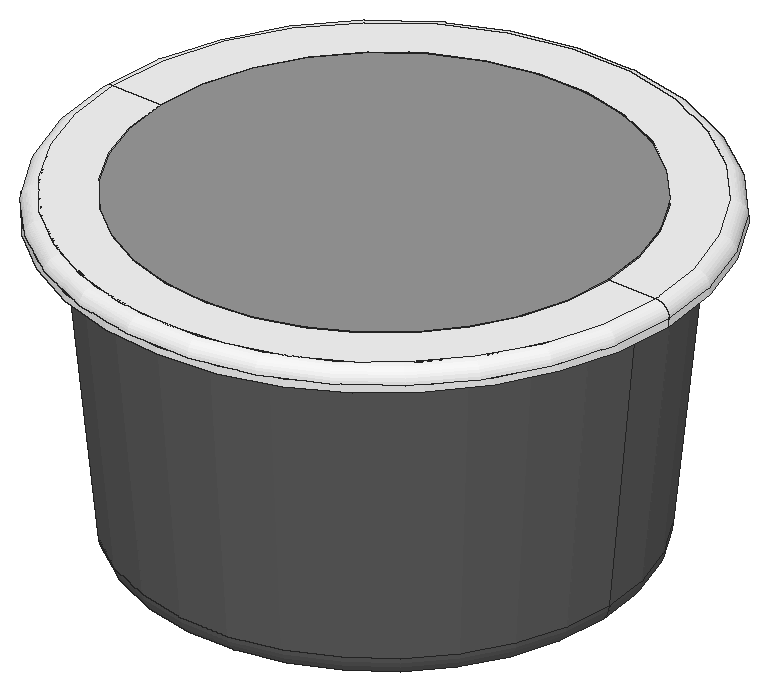
Revit family "3098127 Lighting Fixture_Sylvania_Insaver LED II 150 High_Ceiling Recessed", category Lighting Fixtures, host Face, Revit 2017
Family settings
  Host = Face
  Round Connector Dimension = Use Diameter
  Part Type = Normal
  OmniClass Number = 23.80.70.11.17
  OmniClass Title = Specialized Lighting by Location or Use
  Cut with Voids When Loaded = No
  Light Source = Yes
  Shared = No
  Room Calculation Point = No
Parameters (values of type "Insaver LED II 150 High Output NW DALI E3")
  Ta Rating = "0°C to 55°C"  # constant formula
  Reflector Radius = Body Radius - 2.0 mm  # 73.0 mm
  Reflector Material = Metal_Sylvania_Insaver LED II_Polished
  Radius = Diameter / 2  # 84.5 mm
  LOR = "100%"  # constant formula
  IP Rating = "IP23 (44 with accessory)"  # constant formula
  Height = 87.0 mm
  Glare Control = "UGR <19 (using accessory)"  # constant formula
  Energy Class = "A++,A+,A"  # constant formula
  Weight = 0 kg
  Wattage = 1.35052 W
  built-in parameter 1150110 = 1 (stored number, unit not read)
  Voltage Comments = "UNV (Universal Voltage; 220-240 Volt)"  # constant formula
  Voltage = 230 V  # constant formula
  URL = "http://www.sylvania-lighting.com"
  built-in parameter 1114217 = 1 (stored number, unit not read)
  Tilt Angle = -90°
  built-in parameter 1150109 = 1 (stored number, unit not read)
  built-in parameter 1150134 = 12
  built-in parameter 1150113 = 1 (stored number, unit not read)
  Product Page URL = "http://www.sylvania-lighting.com/product/en-int/products/3098127"
  Product Family = "INSAVER LED II 150"  # constant formula
  Photometry Comments = ""
  Photometric Web File = "3098127_InsaverLEDII150HighOutputNWDALIE3-200730.ies"
  Life = "50 000 h"  # constant formula
  Emit from Circle Diameter = Diffuser Diameter  # 133.0 mm
  Emit Shape Visible in Rendering = no
  Drive Current = "900mA"  # constant formula
  Distribution type = "Direct - symmetrical"  # constant formula
  Diffuser Material = Glass_Sylvania_Insaver LED II_4000K
  Diffuser Diameter = Diameter - 36.0 mm  # 133.0 mm
  Diameter = 169.0 mm
  Cutout Diameter = Diameter - 19.0 mm  # 150.0 mm
  Colour consistency (SDCM) = "3 step"  # constant formula
  built-in parameter 1114216 [instance] = 1 (stored number, unit not read)
  Model = "Insaver LED II 150 High Output NW DALI E3"
  Manufacturer = "Feilo Sylvania"
  built-in parameter 1150105 = 10.425 (stored number, unit not read)
  Lumens = 131 lm
  built-in parameter 1150115 = 1 (stored number, unit not read)
  built-in parameter 1150137 = (empty or 0)
  built-in parameter 1150139 = (empty or 0)
  built-in parameter 1150112 = 1 (stored number, unit not read)
  built-in parameter 1150114 = 1 (stored number, unit not read)
  Lamp Comments = "Integrated LED"  # constant formula
  Lamp = ""
  built-in parameter 1150132 = 2
  built-in parameter 1150102 = (empty or 0)
  built-in parameter 1150107 = 4000 (stored number, unit not read)
  built-in parameter 1150138 = (empty or 0)
  built-in parameter 1150106 = 0.10425 (stored number, unit not read)
  CRI ( Ra ) = 80  # constant formula
  Body Material = Plastic_Sylvania_Insaver LED II_Black
  built-in parameter 1150104 = 9.0116 (stored number, unit not read)
  Dimming Lamp Color Temperature Shift = <None>
  Description = "Circular LED downlight with up to 114lm/W efficacy and 2,400 luminaire lumen output. Innovative easy installation system allows for a rapid, single point installation. For 150mm cut outs. IP44 or UGR<19 compliant with additional accessories. 3 hour emergency and surface mounted versions available. Plus3 version includes Wieland GST connector."  # constant formula
  Default Elevation = 0.0 mm
  Color Filter = 16777215
  Catalog Number = "3098127 Insaver LED II 150 High Output NW DALI E3"
  built-in parameter 1140040 [instance] = 1
  Body Radius = Cutout Diameter / 2  # 75.0 mm
  Beam Angle = 76°  # constant formula
  built-in parameter 1114218 = 1 (stored number, unit not read)
  built-in parameter 1150133 = 10 (stored number, unit not read)
  Assembly Code = "D5020200"
  Apparent Load Comments = ""
  Apparent Load = 22 VA
  Accessory Material = Plastic_Sylvania_Insaver LED II_White
Reference planes
  plane 1 "Center (Front/Back)": y = 0
  plane 2: z = 0
  plane 3 "Center (Left/Right)": x = 0
  plane 4 "Fixture Top": z = -87
  plane 5 "Fixture Bottom": z = 6
  plane 6 "Reflector Top": z = -60
Forms (mm)
  Extrusion 1, void
    sketch origin (0, 0, 0) x (1, 0, 0) y (0, 1, 0)
      loop
        circle (0, 0) r 75
    from -87 to 0
  Revolve 2, solid, material "Plastic_Sylvania_Insaver LED II_White" <- "Accessory Material", detail levels fine
    sketch origin (0, 0, 0) x (1, 0, 0) y (0, 0, 1)
      loop
        line (-84.5, 0) -> (-66.5, 0) -> (-66.5, 6) -> (-80.5, 6)
        arc (-80.5, 6) -> (-83.328, 4.828) -> (-84.5, 2) r 4
        line (-84.5, 2) -> (-84.5, 0)
      axis (0, 6) -> (0, 0)
    angle from 0 to 360
  Revolve 3, solid, material "Plastic_Sylvania_Insaver LED II_Black" <- "Body Material", detail levels fine
    sketch origin (0, 0, 0) x (1, 0, 0) y (0, 0, 1)
      loop
        line (0, -87) -> (0, -85) -> (-59.475, -85)
        arc (-59.475, -85) -> (-62.901, -83.847) -> (-64.933, -80.857) r 5.666
        arc (-64.933, -80.857) -> (-70.978, -41.634) -> (-73, -2) r 389.454
        line (-73, -2) -> (-73, 0) -> (-75, 0) -> (-75, -2)
        arc (-75, -2) -> (-73.011, -41.414) -> (-67.063, -80.428) r 391.454
        arc (-67.063, -80.428) -> (-64.495, -85.129) -> (-59.475, -87) r 7.666
        line (-59.475, -87) -> (0, -87)
      axis (0, 0) -> (0, -87)
    angle from 0 to 360
  Extrusion 4, solid, material "Glass_Sylvania_Insaver LED II_4000K" <- "Diffuser Material", detail levels fine
    sketch origin (0, 0, 0) x (1, 0, 0) y (0, 1, 0)
      loop
        circle (0, 0) r 66.5
    from 0 to 6
  Revolve 5, solid, material "Metal_Sylvania_Insaver LED II_Polished" <- "Reflector Material", detail levels fine
    sketch origin (0, 0, 0) x (1, 0, 0) y (0, 0, 1)
      loop
        line (-73, 0) -> (-73, -2)
        arc (-73, -2) -> (-46.618, -43.735) -> (0, -60) r 74.94
        line (0, -60) -> (0, -58)
        arc (0, -58) -> (-45.285, -42.24) -> (-71, -1.769) r 72.94
        line (-71, -1.769) -> (-71, 0) -> (-73, 0)
      axis (0, 0) -> (0, -60)
    angle from 0 to 360
  Revolve 6, solid, material "Plastic_Sylvania_Insaver LED II_White" <- "Accessory Material", detail levels coarse+medium
    sketch origin (0, 0, 0) x (1, 0, 0) y (0, 0, 1)
      loop
        line (0, -87) -> (0, 6) -> (-84.5, 6) -> (-84.5, 0) -> (-75, 0) -> (-75, -2)
        arc (-75, -2) -> (-73.011, -41.414) -> (-67.063, -80.428) r 391.454
        arc (-67.063, -80.428) -> (-64.495, -85.129) -> (-59.475, -87) r 7.666
        line (-59.475, -87) -> (0, -87)
      axis (0, 6) -> (0, -87)
    angle from 0 to 360
Lines and regions (mm)
  Masking region 1
    outline origin (0, 0, 0) x (1, 0, 0) y (0, 1, 0)
      loop
        circle (0, 0) r 84.5
  symbolic lines, detail levels fine
    curve 1: arc (66.5, 0, 0) -> (0, 66.5, 0) -> (-66.5, 0, 0) r 66.5
    curve 2: arc (-66.5, 0, 0) -> (0, -66.5, 0) -> (66.5, 0, 0) r 66.5
Dimensions and locks
  "Height": plane 2 to plane 4 "Fixture Top"
  plane 5 "Fixture Bottom" to plane 2 = 6.0 mm
  "Radius": plane 3 "Center (Left/Right)" to Revolve 2 sketch curve
  locked: Revolve 2 sketch curve to plane 2 at 2
  Revolve 2 sketch curve to Revolve 2 sketch curve = 18.0 mm
  "Body Radius": plane 3 "Center (Left/Right)" to Revolve 3 sketch curve
  locked: Revolve 3 sketch curve to Revolve 3 sketch curve at 2
  locked: Revolve 3 sketch curve to plane 4 "Fixture Top" at 2
  "Reflector Radius": Revolve 5 sketch curve to plane 3 "Center (Left/Right)"
  locked: Revolve 5 sketch curve to Revolve 5 sketch curve at 2
  "Radius": Revolve 6 sketch curve to imposter light
  locked: Revolve 6 sketch curve to Revolve 6 sketch curve at 9.5
  "Cutout Diameter": diameter of Extrusion 1 sketch curve
  "Diffuser Diameter": diameter of Extrusion 4 sketch curve
  aligned and locked: plane 2 to host face
  aligned and locked: level to host face
  aligned and locked: Extrusion 1 to plane 4 "Fixture Top"
  aligned and locked: plane 2 to Extrusion 1
  aligned and locked: Revolve 2 sketch curve to plane 2
  aligned and locked: Revolve 2 sketch curve to plane 5 "Fixture Bottom"
  aligned and locked: Revolve 2 sketch curve to plane 3 "Center (Left/Right)"
  aligned and locked: Revolve 3 sketch curve to plane 3 "Center (Left/Right)"  (x2)
  aligned and locked: Extrusion 4 to plane 2
  aligned and locked: plane 5 "Fixture Bottom" to Extrusion 4
  aligned and locked: plane 4 "Fixture Top" to Revolve 3 sketch curve
  aligned and locked: Revolve 3 sketch curve to plane 2
  aligned and locked: Revolve 5 sketch curve to host face
  aligned and locked: Revolve 5 sketch curve to plane 3 "Center (Left/Right)"
  aligned and locked: plane 6 "Reflector Top" to Revolve 5 sketch curve
  aligned and locked: plane 3 "Center (Left/Right)" to Revolve 5 sketch curve
  aligned and locked: imposter light to plane 3 "Center (Left/Right)"
  aligned and locked: imposter light to plane 1 "Center (Front/Back)"
  aligned and locked: imposter light to plane 5 "Fixture Bottom"
  aligned and locked: Revolve 6 sketch curve to plane 3 "Center (Left/Right)"  (x2)
  aligned and locked: plane 4 "Fixture Top" to Revolve 6 sketch curve
  aligned and locked: Revolve 6 sketch curve to imposter light
  aligned and locked: Masking region 1 sketch curve to Revolve 6  (x2)
  aligned and locked: curve 1 to Extrusion 4
  aligned and locked: curve 2 to Extrusion 4
Automatic sketch dimensions
  host sketch curve to host sketch curve = 1040.406 mm
  host sketch curve to host sketch curve = 988.385 mm
  plane 1 "Center (Front/Back)" to Extrusion 1 sketch curve = 0.0 mm
  Extrusion 1 sketch curve to plane 3 "Center (Left/Right)" = 0.0 mm
  Revolve 2 sketch curve to level = 23.903 mm
  plane 5 "Fixture Bottom" to Revolve 2 sketch curve = 38.423 mm
  Revolve 3 sketch curve to Revolve 3 sketch curve = 0.0 mm  (x4)
  Revolve 3 sketch curve to plane 3 "Center (Left/Right)" = 59.475 mm
  Revolve 3 sketch curve to level = 2.0 mm
  plane 3 "Center (Left/Right)" to Revolve 3 sketch curve = 316.454 mm
  Revolve 3 sketch curve to Revolve 3 sketch curve = 5.666 mm
  Revolve 3 sketch curve to level = 21.34 mm
  plane 5 "Fixture Bottom" to Revolve 3 sketch curve = 47.66 mm
  plane 1 "Center (Front/Back)" to Extrusion 4 sketch curve = 0.0 mm
  Extrusion 4 sketch curve to plane 3 "Center (Left/Right)" = 0.0 mm
  Revolve 5 sketch curve to Revolve 5 sketch curve = 0.0 mm
  Revolve 5 sketch curve to Revolve 5 sketch curve = 2.0 mm
  Revolve 5 sketch curve to level = 2.0 mm
  Revolve 5 sketch curve to plane 4 "Fixture Top" = 30.934 mm
  Revolve 5 sketch curve to Revolve 5 sketch curve = 27.127 mm
  Revolve 6 sketch curve to level = 0.0 mm
  plane 4 "Fixture Top" to Revolve 6 sketch curve = 7.666 mm
  Revolve 6 sketch curve to plane 3 "Center (Left/Right)" = 59.475 mm
  Revolve 6 sketch curve to level = 2.0 mm
  plane 3 "Center (Left/Right)" to Revolve 6 sketch curve = 316.454 mm
  Revolve 6 sketch curve to level = 21.34 mm
  Revolve 6 sketch curve to Revolve 6 sketch curve = 47.66 mm
Connectors
  electrical at (0, 0, -87), driven by "Voltage", driven by "Apparent Load"
    settings: index 1, voltage 230 V, apparent load 0 VA, apparent load phase1 22 VA, apparent load phase2 0 VA, apparent load phase3 0 VA, power factor 1, load classification "Lighting", number of poles 1, system type 31, power factor state 1, is connector primary yes, connector utility no, sub classification motor no, connector description ""
